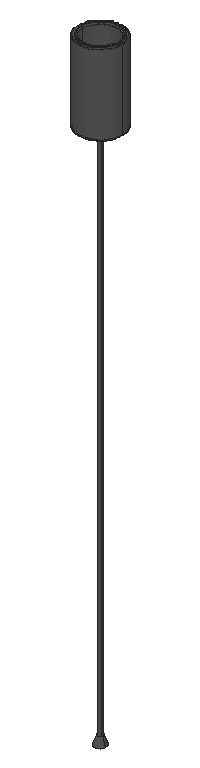
Revit family "CARLO CYLINDER LIGHT Pendant_ Surface", category Lighting Fixtures, host Face, Revit 2020 (continued)
Types (13): name | Wattage_Input | Wattage Comments | Wattage | built-in parameter 1150134 | Size 08 | Size 04 | Photometric Web File | built-in parameter 1150142 | Model | built-in parameter 1150105 | Lumens | built-in parameter 1150107 | built-in parameter 1150106 | Fixture Height | Fixture Diameter | BEAMING ANGLE | Apparent Load
    .55 \r\n 142.09 143.91 145.96 148.17 150.75 153.94 157.66 161.84 166.77 172.71 \r\n 179.71 187.58 197.26 209.89 224.61 240.72 258.86 279.02 302.38 330.55 \r\n 362.2 396.5 433.49 473.01 514.9 559.07 605.2 652.93 702.17 753.09 \r\n 804.48 855.12 905.19 954.62 1002.9 1049.7 1094.7 1138.4 1179.4 1216.2 \r\n 1249.7 1280.3 1308.4 1334.6 1358.4 1379.3 1397.8 1414.6 1428.9 1440.2 \r\n 1452.3 \r\n1448.4 1441.7 1428 1409.8 1388.1 1363.1 1337 1312.6 1288 1262.6 \r\n 1235.7 1207.3 1175.3 1137 1094.6 1049.1 1001.4 952.53 902.9 853.41 \r\n 803.97 754.72 705.87 657.5 610.16 564.28 520.27 478.72 439.45 402.36 \r\n 367.83 335.76 307.54 285.65 266.84 248.41 231.17 214.5 199.97 189.57 \r\n 181.38 174.03 167.88 162.95 158.86 155.22 152.12 149.61 147.48 145.53 \r\n 143.84 142.49 141.3 140.12 139.02 138.06 137.14 136.09 135.06 134.17 \r\n 133.29 132.35 131.41 130.53 129.62 128.64 127.49 126.29 124.38 120.98 \r\n 116.64 111.67 106.03 99.717 92.976 86.072 78.947 71.546 64.129 57.046 \r\n 49.982 42.547 35.322 28.626 22.858 18.623 15.623 13.997 13.043 12.074 \r\n 11.182 10.209 9.2107 8.1438 7.1463 6.3549 5.7301 5.304 4.9984 4.7502 \r\n 4.5462 4.3518 4.1688 3.9844 3.8068 3.6393 3.4833 3.3446 3.2143 3.0912 \r\n 2.9583 2.7861 2.6106 2.4646 2.3279 2.1968 2.0546 1.8654 1.6825 1.566 \r\n 1.4588 1.3113 1.1621 1.0376 0.92436 0.81935 0.71765 0.60571 0.50637 0.44443 \r\n 0.4005 0.36349 0.33332 0.30579 0.28228 0.26351 0.24723 0.2304 0.21605 0.20791 \r\n 0.20084 0.19023 0.17964 0.17196 0.16459 0.15484 0.14588 0.14175 0.13722 0.12659 \r\n 0.11532 0.10766 0.10158 0.096684 0.092292 0.087436 0.082535 0.078658 0.07288 0.060592 \r\n 0.047916 0.040573 0.035165 0.030257 0.025671 0.020316 0.015493 0.012303 0.010258 0.0099949 \r\n 0.0092418 0.0046053 0.000085 0 0 0 0 0 0 0 \r\n 0 0 0 0 0 0 0 0 0.000084 0.0034553 \r\n 0.007047 0.0079819 0.0088957 0.011956 0.01569 0.019128 0.022931 0.027638 0.03264 0.036819 \r\n 0.042239 0.051669 0.061876 0.070355 0.077702 0.083352 0.088279 0.092926 0.09831 0.10658 \r\n 0.11479 0.11961 0.12434 0.13195 0.14007 0.14709 0.15365 0.15948 0.16569 0.1729 \r\n 0.18225 0.19714 0.21137 0.2168 0.22262 0.23871 0.2592 0.27997 0.30566 0.33918 \r\n 0.38167 0.4344 0.49996 0.58313 0.67858 0.78311 0.89502 1.0097 1.1327 1.2735 \r\n 1.416 1.5397 1.6661 1.8174 1.9703 2.1034 2.2339 2.3741 2.5185 2.6686 \r\n 2.8169 2.9542 3.0874 3.2211 3.3539 3.4829 3.6171 3.7617 3.925 4.1243 \r\n 4.338 4.5509 4.7614 4.8966 5.155 5.7492 6.5643 7.5904 8.7238 9.8693 \r\n 10.99 11.817 12.951 14.828 17.669 22.012 27.334 33.34 39.876 46.705 \r\n 53.784 60.965 68.329 76.098 83.693 90.461 96.834 103.16 109.04 114.31 \r\n 118.66 121.48 123.39 124.76 125.78 126.8 127.72 128.56 129.36 130.19 \r\n 131.06 131.99 132.97 134.03 135.13 136.2 137.28 138.36 139.55 140.95 \r\n 142.56 144.43 146.54 148.8 151.45 154.67 158.45 162.74 167.81 173.91 \r\n 181.08 188.96 199.02 213.32 229.76 246.65 264.89 284.01 306.39 335.06 \r\n 367.54 402.28 439.61 479.39 521.57 566.23 612.79 660.71 709.97 760.73 \r\n 811.9 862.38 912.41 962.11 1010.7 1057.6 1102.7 1146.5 1187.5 1223.8 \r\n 1256.7 1287 1314.7 1339.9 1362.7 1383.2 1401.4 1417.7 1431.4 1441.6 \r\n 1452.3 \r\n1448.4 1441.2 1427.7 1409.8 1388.6 1363.9 1338.1 1313.8 1289.2 1263.8 \r\n 1236.8 1208.2 1176.1 1137.6 1095.1 1049.7 1002 952.99 903.21 853.72 \r\n 804.37 755.28 706.61 658.39 611.07 564.89 520.53 478.8 439.49 402.64 \r\n 368.33 336.28 307.68 284.35 264.15 245.43 228.58 213.23 200 189.76 \r\n 181.39 174.02 167.84 162.88 158.78 155.14 152.05 149.53 147.39 145.42 \r\n 143.71 142.34 141.14 139.94 138.81 137.84 136.9 135.86 134.84 133.95 \r\n 133.08 132.12 131.16 130.27 129.37 128.47 127.41 126.21 124.3 120.95 \r\n 116.63 111.52 105.75 99.438 92.768 85.992 78.997 71.675 64.268 57.031 \r\n 49.82 42.414 35.301 28.804 23.193 18.892 15.763 14.048 13.026 12.039 \r\n 11.146 10.164 9.1562 8.0724 7.0603 6.2643 5.644 5.238 4.9537 4.7119 \r\n 4.5114 4.3261 4.1515 3.9701 3.7938 3.6282 3.4743 3.3392 3.211 3.0844 \r\n 2.9473 2.7741 2.6003 2.4621 2.3317 2.1957 2.0476 1.8616 1.6827 1.5652 \r\n 1.4558 1.3064 1.157 1.038 0.93029 0.82505 0.7225 0.6134 0.51737 0.45742 \r\n 0.4142 0.37497 0.34287 0.3179 0.29671 0.27519 0.25567 0.23917 0.22543 0.21524 \r\n 0.20637 0.19759 0.18906 0.18057 0.17203 0.16274 0.15435 0.14957 0.14454 0.13499 \r\n 0.12481 0.11683 0.11003 0.10459 0.099657 0.094284 0.088874 0.084171 0.078203 0.067758 \r\n 0.057304 0.051285 0.046556 0.041297 0.035986 0.030259 0.024814 0.0201 0.016501 0.015747 \r\n 0.014265 0.0070666 0.00013131 0 0 0 0 0 0 0 \r\n 0 0 0 0 0 0 0 0 0.000047 0.0019609 \r\n 0.0039658 0.004368 0.0047449 0.0063901 0.0084615 0.010239 0.01265 0.016651 0.021441 0.026005 \r\n 0.03195 0.041305 0.051795 0.062351 0.071386 0.075883 0.079061 0.083041 0.088106 0.096311 \r\n 0.10447 0.10871 0.11311 0.12155 0.13073 0.13849 0.14532 0.15027 0.15546 0.16251 \r\n 0.17192 0.18677 0.20097 0.20633 0.21229 0.22831 0.24859 0.26869 0.29394 0.32771 \r\n 0.37151 0.4276 0.49715 0.58421 0.68234 0.78551 0.89655 1.0168 1.1447 1.2818 \r\n 1.4205 1.5498 1.6827 1.836 1.9875 2.1113 2.2348 2.3833 2.5377 2.6879 \r\n 2.8317 2.9579 3.0825 3.2227 3.3636 3.4927 3.62 3.7426 3.8872 4.0934 \r\n 4.3191 4.5367 4.7419 4.8696 5.0746 5.5012 6.1146 6.9434 7.942 9.1365 \r\n 10.339 11.102 12.234 14.398 17.584 22.142 27.657 33.896 40.669 47.759 \r\n 55.013 62.12 69.34 77.039 84.595 91.399 97.778 103.95 109.64 114.74 \r\n 118.91 121.56 123.35 124.71 125.76 126.77 127.7 128.55 129.38 130.25 \r\n 131.15 132.11 133.12 134.18 135.27 136.38 137.51 138.62 139.84 141.31 \r\n 142.99 144.91 147.06 149.4 152.11 155.38 159.23 163.63 168.84 175.09 \r\n 182.44 190.36 200.84 216.72 234.83 252.58 271.04 289.2 310.65 339.81 \r\n 373.14 408.36 446.08 486.16 528.65 573.78 620.76 668.87 718.14 768.7 \r\n 819.63 869.96 919.97 969.95 1018.9 1065.9 1111.1 1155 1195.8 1231.6 \r\n 1263.9 1293.8 1321 1345.1 1366.9 1387.1 1405.1 1421 1434 1443.2 \r\n 1452.3 \r\n1448.4 1440.9 1427.6 1410.2 1389.4 1365.2 1339.7 1315.5 1290.9 1265.3 \r\n 1238.3 1209.7 1177.4 1138.8 1096.2 1050.9 1003.4 954.22 904.28 854.74 \r\n 805.42 756.49 707.98 659.88 612.57 566.12 521.42 479.48 440.08 403.39 \r\n 369.23 337.15 308.17 283.56 262.14 243.13 226.59 212.35 200.23 190.1 \r\n 181.57 174.16 167.94 162.94 158.81 155.16 152.07 149.52 147.35 145.35 \r\n 143.61 142.23 141.01 139.78 138.64 137.63 136.67 135.64 134.63 133.75 \r\n 132.87 131.9 130.93 130.03 129.15 128.32 127.32 126.13 124.23 120.97 \r\n 116.69 111.45 105.54 99.25 92.654 85.985 79.097 71.846 64.447 57.058 \r\n 49.707 42.352 35.368 29.065 23.596 19.216 15.94 14.11 12.998 11.987 \r\n 11.091 10.096 9.0745 7.9811 6.9632 6.1655 5.5512 5.1675 4.9065 4.6722 \r\n 4.4755 4.2986 4.1315 3.9539 3.7799 3.6165 3.4648 3.3327 3.2062 3.0765 \r\n 2.9361 2.7626 2.5908 2.4589 2.3336 2.1933 2.0406 1.8585 1.6841 1.565 \r\n 1.4531 1.3025 1.1535 1.0383 0.93443 0.82897 0.72601 0.61979 0.52695 0.46849 \r\n 0.42555 0.38435 0.35058 0.3278 0.30862 0.28475 0.2625 0.24654 0.23354 0.22151 \r\n 0.21096 0.2039 0.19728 0.18796 0.17827 0.16949 0.16168 0.15609 0.15041 0.14206 \r\n 0.13316 0.12496 0.11748 0.11147 0.10596 0.10013 0.094283 0.088823 0.082654 0.073804 \r\n 0.065299 0.060501 0.056426 0.050821 0.044846 0.038891 0.03301 0.026993 0.022016 0.020715 \r\n 0.018498 0.0091247 0.00017022 0 0 0 0 0 0 0 \r\n 0 0 0 0 0 0 0 0 0.000014 0.00057788 \r\n 0.0011534 0.0012127 0.0012585 0.0017011 0.0022895 0.0024808 0.0035607 0.006992 0.0117 0.016702 \r\n 0.023185 0.032475 0.043174 0.055484 0.065941 0.069428 0.071101 0.074545 0.079359 0.087424 \r\n 0.095472 0.099336 0.10359 0.11276 0.12286 0.13132 0.13846 0.14274 0.14708 0.15393 \r\n 0.16325 0.17775 0.1917 0.19717 0.20348 0.21944 0.23947 0.25897 0.28385 0.31788 \r\n 0.36294 0.4222 0.49558 0.58674 0.68763 0.78874 0.8982 1.024 1.1571 1.2903 \r\n 1.4252 1.559 1.6976 1.8535 2.0044 2.1195 2.2363 2.3927 2.5564 2.7071 \r\n 2.8468 2.9628 3.0794 3.2254 3.3738 3.5039 3.6264 3.7308 3.8597 4.0722 \r\n 4.308 4.5259 4.7276 4.8659 5.0456 5.3447 5.7958 6.4536 7.33 8.5614 \r\n 9.8297 10.531 11.661 14.084 17.586 22.353 28.057 34.5 41.478 48.812 \r\n 56.235 63.281 70.371 77.978 85.473 92.317 98.717 104.75 110.25 115.18 \r\n 119.18 121.67 123.36 124.71 125.78 126.79 127.7 128.56 129.4 130.3 \r\n 131.24 132.23 133.25 134.3 135.38 136.53 137.7 138.83 140.07 141.59 \r\n 143.34 145.3 147.5 149.9 152.69 156 159.91 164.42 169.77 176.15 \r\n 183.66 191.68 202.55 219.75 239.25 257.83 276.59 294.06 314.83 344.48 \r\n 378.58 414.26 452.39 492.79 535.59 581.17 628.54 676.81 726.1 776.45 \r\n 827.14 877.33 927.33 977.57 1026.8 1074 1119.2 1163.2 1203.9 1239 \r\n 1270.7 1300.1 1326.7 1349.9 1370.7 1390.7 1408.7 1424.2 1436.6 1444.8 \r\n 1452.3 \r\n1448.4 1441.2 1428.6 1411.7 1391.4 1367.9 1342.9 1318.7 1294 1268.6 \r\n 1241.6 1213 1180.8 1142.6 1100.4 1055.2 1007.7 958.51 908.49 858.86 \r\n 809.47 760.56 712.07 663.88 616.44 569.88 525.03 482.8 443.11 406.26 \r\n 371.94 339.55 310.25 285.48 263.93 244.75 228.03 213.62 201.33 191.08 \r\n 182.45 174.95 168.65 163.55 159.32 155.6 152.43 149.8 147.55 145.52 \r\n 143.76 142.33 141.07 139.82 138.66 137.63 136.64 135.61 134.61 133.72 \r\n 132.83 131.86 130.89 130 129.13 128.31 127.33 126.17 124.33 121.25 \r\n 117.14 111.86 105.9 99.702 93.219 86.599 79.737 72.516 65.122 57.665 \r\n 50.265 42.996 36.118 29.866 24.386 19.865 16.406 14.41 13.166 12.112 \r\n 11.202 10.17 9.1156 8.0071 6.9759 6.147 5.5076 5.1297 4.8828 4.6552 \r\n 4.463 4.2875 4.1208 3.9441 3.7711 3.6089 3.4581 3.3258 3.1991 3.0696 \r\n 2.9301 2.7595 2.59 2.4567 2.3295 2.1894 2.0381 1.8596 1.688 1.5667 \r\n 1.4523 1.3043 1.1574 1.0386 0.93084 0.82577 0.72426 0.61876 0.52619 0.46685 \r\n 0.42295 0.38183 0.34836 0.32561 0.3064 0.28239 0.26022 0.24523 0.233 0.22019 \r\n 0.20883 0.20258 0.19682 0.18695 0.17658 0.16809 0.16056 0.15423 0.14799 0.14055 \r\n 0.13271 0.12463 0.11695 0.11069 0.10492 0.099024 0.093173 0.087713 0.081544 0.07262 \r\n 0.064123 0.059658 0.055907 0.050233 0.044189 0.038554 0.033009 0.027043 0.022016 0.020638 \r\n 0.018353 0.0090015 0.000096 0 0 0 0 0 0 0 \r\n 0 0 0 0 0 0 0 0 0.000007 0.00021222 \r\n 0.00057613 0.0011852 0.0018502 0.0024314 0.0028662 0.0024625 0.0029689 0.0063427 0.011266 0.016844 \r\n 0.023766 0.032589 0.042814 0.055575 0.066528 0.069776 0.071101 0.074554 0.079432 0.087391 \r\n 0.095407 0.099557 0.10419 0.11365 0.12405 0.13288 0.14031 0.14467 0.14892 0.1555 \r\n 0.16435 0.17785 0.19105 0.19695 0.20401 0.22016 0.24022 0.25948 0.28433 0.31898 \r\n 0.36524 0.4264 0.50219 0.59701 0.70014 0.79763 0.90367 1.0331 1.17 1.3008 \r\n 1.4328 1.5671 1.7076 1.8664 2.0189 2.1295 2.2422 2.4023 2.5706 2.7219 \r\n 2.8603 2.9721 3.0852 3.2327 3.3845 3.5184 3.6436 3.7464 3.8732 4.0875 \r\n 4.3247 4.5303 4.7376 4.9468 5.2015 5.5275 5.9778 6.5987 7.4363 8.669 \r\n 9.9452 10.62 11.752 14.274 17.921 22.866 28.734 35.248 42.287 49.758 \r\n 57.299 64.362 71.405 78.887 86.26 93.098 99.487 105.4 110.74 115.52 \r\n 119.4 121.78 123.39 124.75 125.84 126.82 127.71 128.56 129.4 130.28 \r\n 131.22 132.21 133.24 134.28 135.35 136.5 137.68 138.81 140.05 141.61 \r\n 143.4 145.38 147.6 150.06 152.91 156.26 160.2 164.77 170.19 176.62 \r\n 184.2 192.38 203.43 220.77 240.46 259.41 278.6 296.44 317.58 347.63 \r\n 382.1 418.08 456.47 497.15 540.22 586.13 633.77 682.15 731.43 781.7 \r\n 832.26 882.38 932.37 982.66 1032 1079.5 1125 1168.9 1209.5 1244.2 \r\n 1275.3 1304.3 1330.4 1352.9 1373.3 1393.2 1411.2 1426.4 1438.4 1446 \r\n 1452.3 \r\n1448.4 1442.3 1430.6 1414.5 1394.8 1372 1347.6 1323.4 1298.7 1273.5 \r\n 1246.8 1218.2 1186.3 1148.8 1107.4 1062.5 1015 965.84 915.83 866.07 \r\n 816.5 767.47 718.84 670.36 622.66 576.15 531.32 488.74 448.55 411.22 \r\n 376.43 343.44 313.92 290.09 269.49 250.27 232.9 217.01 203.28 192.68 \r\n 184.03 176.39 169.95 164.69 160.29 156.43 153.14 150.37 148 145.93 \r\n 144.14 142.64 141.32 140.06 138.89 137.83 136.81 135.78 134.78 133.86 \r\n 132.96 131.99 131.03 130.17 129.31 128.44 127.43 126.3 124.58 121.78 \r\n 117.95 112.75 106.83 100.8 94.461 87.826 80.909 73.674 66.284 58.849 \r\n 51.496 44.34 37.534 31.19 25.542 20.824 17.151 14.94 13.523 12.41 \r\n 11.475 10.386 9.2794 8.1506 7.0987 6.2109 5.5167 5.1274 4.8846 4.6625 \r\n 4.475 4.2939 4.12 3.9416 3.7683 3.6061 3.4548 3.3193 3.1904 3.0644 \r\n 2.9299 2.7653 2.5984 2.4558 2.3198 2.1845 2.0408 1.8653 1.6946 1.5705 \r\n 1.454 1.312 1.1689 1.0393 0.92005 0.81593 0.71763 0.61061 0.51531 0.45274 \r\n 0.40667 0.36759 0.33633 0.31143 0.29018 0.26828 0.249 0.23533 0.22383 0.21134 \r\n 0.2001 0.1937 0.18768 0.1776 0.16706 0.15861 0.15104 0.14414 0.13749 0.13057 \r\n 0.12347 0.11584 0.10848 0.10228 0.096589 0.091024 0.085611 0.080906 0.074939 0.064286 \r\n 0.053863 0.048809 0.045021 0.039577 0.03408 0.029282 0.024813 0.020242 0.016501 0.015535 \r\n 0.013873 0.0067723 0 0 0 0 0 0 0 0 \r\n 0 0 0 0 0 0 0 0 0.000027 0.00089105 \r\n 0.0022771 0.0042876 0.006476 0.0085267 0.010149 0.010187 0.010919 0.014732 0.020138 0.026404 \r\n 0.033647 0.041612 0.050691 0.062589 0.073102 0.076905 0.079061 0.083055 0.088302 0.096214 \r\n 0.10429 0.10936 0.11486 0.12416 0.13421 0.14304 0.15071 0.15591 0.16083 0.16712 \r\n 0.17514 0.18708 0.19908 0.2057 0.21384 0.23049 0.25088 0.27032 0.29551 0.33115 \r\n 0.37853 0.4403 0.51701 0.61477 0.71946 0.81209 0.9132 1.0441 1.1833 1.3132 \r\n 1.4432 1.5745 1.7131 1.8748 2.0306 2.1412 2.2529 2.4122 2.5802 2.7322 \r\n 2.8718 2.9856 3.1 3.2447 3.3954 3.5355 3.6707 3.7883 3.9267 4.1381 \r\n 4.3679 4.5496 4.771 5.1059 5.5293 6.032 6.6402 7.3595 8.243 9.4407 \r\n 10.667 11.353 12.496 14.958 18.579 23.669 29.673 36.124 43.075 50.569 \r\n 58.168 65.325 72.412 79.749 86.946 93.728 100.07 105.87 111.09 115.77 \r\n 119.56 121.88 123.45 124.82 125.93 126.88 127.73 128.55 129.35 130.19 \r\n 131.08 132.06 133.09 134.12 135.19 136.32 137.47 138.56 139.8 141.37 \r\n 143.18 145.16 147.39 149.89 152.79 156.15 160.1 164.68 170.1 176.49 \r\n 184.05 192.46 203.51 219.81 238.5 257.33 277.02 296.32 318.89 349.23 \r\n 383.67 419.77 458.3 499.19 542.49 588.61 636.41 684.83 734.11 784.39 \r\n 834.97 885.1 935.04 985.16 1034.5 1082.3 1128.2 1172.1 1212.5 1247.1 \r\n 1277.9 1306.3 1332 1354.3 1374.6 1394.6 1412.6 1427.7 1439.5 1446.7 \r\n 1452.3 \r\n1448.4 1443.6 1432.9 1417.5 1398.4 1376.4 1352.6 1328.5 1303.8 1278.8 \r\n 1252.3 1223.9 1192.3 1155.7 1115.1 1070.3 1022.9 973.87 923.87 873.94 \r\n 824.14 774.96 726.15 677.34 629.39 582.96 538.17 495.2 454.49 416.59 \r\n 381.24 347.63 317.9 295.16 275.66 256.4 238.3 220.75 205.4 194.41 \r\n 185.73 177.94 171.36 165.92 161.34 157.34 153.91 150.98 148.5 146.37 \r\n 144.55 142.98 141.59 140.32 139.14 138.05 137.01 135.96 134.96 134.02 \r\n 133.11 132.14 131.19 130.35 129.5 128.58 127.53 126.43 124.83 122.33 \r\n 118.81 113.72 107.87 102 95.783 89.101 82.099 74.842 67.46 60.067 \r\n 52.78 45.736 38.992 32.538 26.706 21.784 17.893 15.454 13.851 12.677 \r\n 11.72 10.573 9.4161 8.2747 7.2112 6.2727 5.5298 5.1297 4.8897 4.6725 \r\n 4.4892 4.3011 4.1191 3.9394 3.7668 3.6049 3.4531 3.3137 3.1822 3.06 \r\n 2.9314 2.773 2.6085 2.4554 2.3095 2.1799 2.0449 1.8724 1.7023 1.5754 \r\n 1.457 1.3214 1.1823 1.041 0.90912 0.80585 0.71084 0.60205 0.50368 0.43739 \r\n 0.38876 0.35182 0.32287 0.29544 0.27184 0.25249 0.23663 0.22427 0.21347 0.20162 \r\n 0.19075 0.18392 0.17735 0.16718 0.15667 0.14825 0.1406 0.13316 0.12611 0.11957 \r\n 0.11309 0.106 0.099068 0.092946 0.087325 0.08219 0.077316 0.073437 0.06766 0.055074 \r\n 0.042471 0.036625 0.03268 0.027536 0.022712 0.018805 0.015491 0.012518 0.010258 0.0097146 \r\n 0.0087337 0.0042716 0 0 0 0 0 0 0 0 \r\n 0 0 0 0 0 0 0 0 0.000051 0.0017627 \r\n 0.0043751 0.0078548 0.011634 0.015336 0.018359 0.019054 0.020192 0.02454 0.030466 0.037398 \r\n 0.044924 0.052067 0.059961 0.070637 0.080416 0.084983 0.088279 0.092913 0.098565 0.10643 \r\n 0.11457 0.12069 0.12711 0.13609 0.14558 0.15425 0.16212 0.16833 0.17413 0.1802 \r\n 0.18739 0.1977 0.20843 0.21584 0.22513 0.24234 0.26315 0.28298 0.30871 0.34538 \r\n 0.39379 0.45594 0.53318 0.63325 0.73898 0.8271 0.9236 1.0555 1.1964 1.3256 \r\n 1.4537 1.5817 1.7179 1.8819 2.041 2.1529 2.265 2.4227 2.589 2.7412 \r\n 2.8822 2.9999 3.117 3.2579 3.4059 3.552 3.6981 3.8344 3.9877 4.1949 \r\n 4.4149 4.5714 4.8073 5.269 5.8696 6.5752 7.3724 8.2191 9.1664 10.314 \r\n 11.473 12.186 13.353 15.734 19.297 24.516 30.639 36.996 43.822 51.292 \r\n 58.919 66.189 73.351 80.552 87.577 94.298 100.59 106.3 111.42 116 \r\n 119.7 121.96 123.51 124.89 126.02 126.95 127.75 128.54 129.31 130.1 \r\n 130.94 131.9 132.92 133.95 135.01 136.1 137.22 138.28 139.5 141.07 \r\n 1
